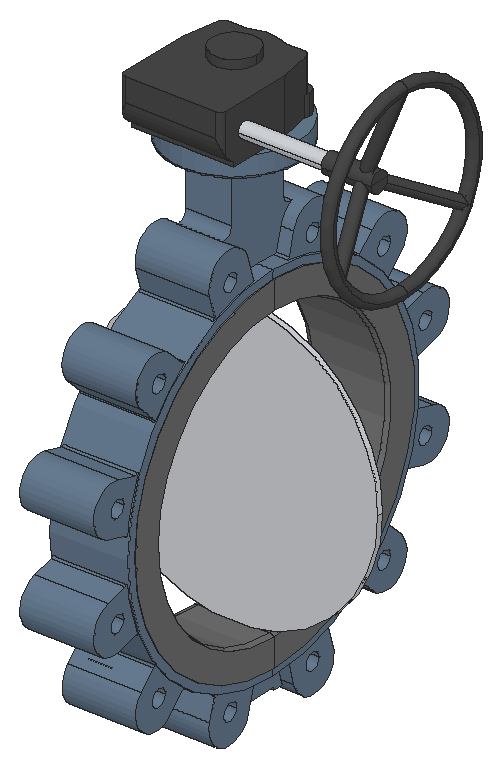
Revit family "HERZ Isolating Butterfly Valves AF-4219 with gearbox", category Rohrzubehör, Revit 2021
Family settings
  Bemaßung runder Anschluss = Durchmesser verwenden
  Teiletyp = Unterbricht
  OmniClass-Nummer = 23.65.55.14
  OmniClass-Titel = Valves for Liquid Services
  Arbeitsebenenbasiert = Nein
  Immer vertikal = Ja
  Beim Laden mit Abzugskörper schneiden = Nein
  Gemeinsam genutzt = Nein
Parameters
  Weight [instance] = size_lookup("4219_AF_G", "Gewicht", 3.8, Nennweite)  # 37.6
  Vorgabe-Ansicht = 0 mm
  URL = "www.herzvalves.com"
  Spindle = "stainless steel ASTM-A276 / Type 316"  # constant formula
  Screws [instance] = if(Nennweite = 50 mm, "4x M16x35", if(Nennweite = 65 mm, "4x M16x35", if(Nennweite = 80 mm, "8x M16x35", if(Nennweite = 100 mm, "8x M16x40", if(Nennweite = 125 mm, "8x M16x40", if(Nennweite = 150 mm, "8x M20x40", if(Nennweite = 200 mm, "12x M20x45", if(Nennweite = 250 mm, "12x M24x45", "12x M24x45"))))))))  # "12x M24x45"
  SCTWSEQ = "FW;SBT_TYP_FW=\"101\";2"
  SCTWCODE = "04;07;02"  # constant formula
  SCRNSEQ = "ARM;ARM_TYP=\"ALLF\";2"
  SCRNCODE = "05;13;02"  # constant formula
  R99 = 1.5 mm  # constant formula
  Part number [instance] = size_lookup("4219_AF_G", "Artnr", 421911, Nennweite)  # 1421979
  PN [instance] = size_lookup("4219_AF_G", "PN", 16, Nennweite)  # 10
  O-Ring = "EPDM according to ISO 1691"  # constant formula
  Min. operating temperature = "-20.00 °C with appropriate water-glycol mixture"  # constant formula
  Medium = "Heating water quality according ÖNORM H5195 or VDI-Standard 2035. The use of ethylene or propylene glycol in a\nmixing ratio 25- 50% is allowed."
  Max. operating temperature = 110 °C  # constant formula
  L04 [instance] = L01 - 3.5 mm  # 35.5 mm
  L03 [instance] = L01 + 1.5 mm  # 40.5 mm
  L02 [instance] = size_lookup("4219_AF_G", "L2", 14.5 mm, Nennweite)  # 30.5 mm
  L01 [instance] = size_lookup("4219_AF_G", "L1", 21.5 mm, Nennweite)  # 39 mm
  R01 [instance] = size_lookup("4219_AF_G", "R1", 44 mm, Nennweite)  # 65 mm
  Nennweite [instance] = 300 mm
  Hersteller = "HERZ Armaturen Ges.m.b.H."  # constant formula
  H02 [instance] = size_lookup("4219_AF_G", "H2", 13 mm, Nennweite)  # 20 mm
  H01 [instance] = size_lookup("4219_AF_G", "H1", 125 mm, Nennweite)  # 308 mm
  Flange = "according to EN1092-2"  # constant formula
  Torque in NM [instance] = size_lookup("4219_AF_G", "Nm", 20, Nennweite)  # 350
  Disc = "stainless steel 1.4408"  # constant formula
  DN80 [instance] = Nennweite = 80 mm  # no
  DN65 [instance] = Nennweite = 65 mm  # no
  DN50 [instance] = Nennweite = 50 mm  # no
  DN300 [instance] = Nennweite = 300 mm  # yes
  DN250 [instance] = Nennweite = 250 mm  # no
  DN200 [instance] = Nennweite = 200 mm  # no
  DN150 [instance] = Nennweite = 150 mm  # no
  DN125 [instance] = Nennweite = 125 mm  # no
  DN100 [instance] = Nennweite = 100 mm  # no
  D06 [instance] = size_lookup("4219_AF_G", "D6", 25.3 mm, Nennweite)  # 146.5 mm
  D05 [instance] = size_lookup("4219_AF_G", "D5", 24.5 mm, Nennweite)  # 145 mm
  D04 [instance] = D05 + 2 mm  # 147 mm
  D03 [instance] = size_lookup("4219_AF_G", "D3", 35.5 mm, Nennweite)  # 167.5 mm
  D02 [instance] = size_lookup("4219_AF_G", "D2", 41 mm, Nennweite)  # 175 mm
  D01 [instance] = size_lookup("4219_AF_G", "D1", 47 mm, Nennweite)  # 183 mm
  Body sealing = "EPDM according to ISO 1691"  # constant formula
  Body = "GGG, GJS-400-15/JS1030, according to EN1563"  # constant formula
  Application = "Suitable for fluids in building services, cold water systems, hot water saystems, etc."
Reference planes
  plane 1 "Mitte (Vorne/hinten)": y = 0
  plane 2: z = 0
  plane 3 "Mitte (Links/rechts)": x = 0
Forms (mm)
  Revolve 1, solid, material "Herz-Metall-blau", detail levels fine
    sketch origin (0, 0, 0) x (1, 0, 0) y (0, 0, 1)
      loop
        line (-30.5, 175) -> (-30.5, 167.5) -> (30.5, 167.5) -> (30.5, 175) -> (39, 175) -> (39, 183) -> (-39, 183) -> (-39, 175) -> (-30.5, 175)
      axis (-39, 0) -> (39, 0)
    angle from 0 to 360
  Revolve 2, solid, material "Herz-Metall-blau", detail levels fine
    sketch origin (0, 0, 0) x (1, 0, 0) y (0, 0, 1)
      loop
        line (-65, 308) -> (-65, 289.463)
        arc (-65, 289.463) -> (-64.673, 288.527) -> (-63.833, 288) r 1.5
        line (-63.833, 288) -> (0, 288) -> (0, 308) -> (-65, 308)
      axis (0, 308) -> (0, 288)
    angle from 0 to 360
  Extrusion 3, solid, material "Herz-Metall-blau", visible <- "DN50", detail levels fine
    sketch origin (0, 0, 0) x (0, 1, 0) y (0, 0, 1)
      loop
        line (56.215, -32.173) -> (43.95, -19.909)
        arc (43.95, -19.909) -> (43.387, -18.793) -> (43.596, -17.56) r 2
        arc (43.596, -17.56) -> (33.234, -33.234) -> (17.56, -43.596) r 47
        arc (17.56, -43.596) -> (18.793, -43.387) -> (19.909, -43.95) r 2
        line (19.909, -43.95) -> (32.173, -56.215)
        arc (32.173, -56.215) -> (56.215, -56.215) -> (56.215, -32.173) r 17
      loop
        arc (-56.215, -32.173) -> (-56.215, -56.215) -> (-32.173, -56.215) r 17
        line (-32.173, -56.215) -> (-19.909, -43.95)
        arc (-19.909, -43.95) -> (-18.793, -43.387) -> (-17.56, -43.596) r 2
        arc (-17.56, -43.596) -> (-33.234, -33.234) -> (-43.596, -17.56) r 47
        arc (-43.596, -17.56) -> (-43.387, -18.793) -> (-43.95, -19.909) r 2
        line (-43.95, -19.909) -> (-56.215, -32.173)
      loop
        arc (56.215, 32.173) -> (56.215, 56.215) -> (32.173, 56.215) r 17
        line (32.173, 56.215) -> (19.909, 43.95)
        arc (19.909, 43.95) -> (18.793, 43.387) -> (17.56, 43.596) r 2
        arc (17.56, 43.596) -> (33.234, 33.234) -> (43.596, 17.56) r 47
        arc (43.596, 17.56) -> (43.387, 18.793) -> (43.95, 19.909) r 2
        line (43.95, 19.909) -> (56.215, 32.173)
      loop
        line (-56.215, 32.173) -> (-43.95, 19.909)
        arc (-43.95, 19.909) -> (-43.387, 18.793) -> (-43.596, 17.56) r 2
        arc (-43.596, 17.56) -> (-33.234, 33.234) -> (-17.56, 43.596) r 47
        arc (-17.56, 43.596) -> (-18.793, 43.387) -> (-19.909, 43.95) r 2
        line (-19.909, 43.95) -> (-32.173, 56.215)
        arc (-32.173, 56.215) -> (-56.215, 56.215) -> (-56.215, 32.173) r 17
      loop
        circle (-44.194, 44.194) r 6.92
      loop
        circle (44.194, 44.194) r 6.92
      loop
        circle (44.194, -44.194) r 6.92
      loop
        circle (-44.194, -44.194) r 6.92
    from -19.5 to 19.5
  Extrusion 4, solid, material "Herz-Metall-blau", visible <- "DN50", detail levels fine
    sketch origin (0, 0, 0) x (0, 1, 0) y (0, 0, 1)
      loop
        line (20, 74.845) -> (20, 112) -> (-20, 112) -> (-20, 74.845)
        arc (-20, 74.845) -> (-26.046, 62.811) -> (-39.31, 60.477) r 15
        arc (-39.31, 60.477) -> (-35.477, 58.789) -> (-32.173, 56.215) r 17
        line (-32.173, 56.215) -> (-19.909, 43.95)
        arc (-19.909, 43.95) -> (-18.793, 43.387) -> (-17.56, 43.596) r 2
        arc (-17.56, 43.596) -> (0, 47) -> (17.56, 43.596) r 47
        arc (17.56, 43.596) -> (18.793, 43.387) -> (19.909, 43.95) r 2
        line (19.909, 43.95) -> (32.173, 56.215)
        arc (32.173, 56.215) -> (35.477, 58.789) -> (39.31, 60.477) r 17
        arc (39.31, 60.477) -> (26.046, 62.811) -> (20, 74.845) r 15
    from -15 to 15
  Extrusion 5, solid, material "Herz-Metall-blau", visible <- "DN50"
    sketch origin (0, 0, 0) x (0, 1, 0) y (0, 0, 1)
      loop
        arc (33.834, -58) -> (34.246, -58.062) -> (34.622, -58.243) r 1.4
        arc (34.622, -58.243) -> (33.35, -57.286) -> (32.173, -56.215) r 17
        line (32.173, -56.215) -> (19.909, -43.95)
        arc (19.909, -43.95) -> (18.793, -43.387) -> (17.56, -43.596) r 2
        arc (17.56, -43.596) -> (0, -47) -> (-17.56, -43.596) r 47
        arc (-17.56, -43.596) -> (-18.793, -43.387) -> (-19.909, -43.95) r 2
        line (-19.909, -43.95) -> (-32.173, -56.215)
        arc (-32.173, -56.215) -> (-33.35, -57.286) -> (-34.622, -58.243) r 17
        arc (-34.622, -58.243) -> (-34.246, -58.062) -> (-33.834, -58) r 1.4
        line (-33.834, -58) -> (-16.963, -58)
        arc (-16.963, -58) -> (-15.575, -58.575) -> (-15, -59.963) r 1.963
        line (-15, -59.963) -> (-15, -61) -> (15, -61) -> (15, -59.963)
        arc (15, -59.963) -> (15.575, -58.575) -> (16.963, -58) r 1.963
        line (16.963, -58) -> (33.834, -58)
    from -15 to 15
  Revolve 6, solid, material "Gummi", detail levels fine
    sketch origin (-134.5, 0, 0) x (1, 0, 0) y (0, 0, 1)
      loop
        line (94, 175) -> (94, 147) -> (99, 145) -> (170, 145) -> (175, 147) -> (175, 175) -> (165, 175) -> (165, 167.5) -> (104, 167.5) -> (104, 175) -> (94, 175)
      axis (94, 0) -> (175, 0)
    angle from 0 to 360
  Extrusion 7, solid, detail levels fine
    sketch origin (0, 0, 0) x (1, 0, 0) y (0, 0, 1)
      loop
        circle (0, 0) r 146.5
    from -2.5 to 2.5
  Extrusion 8, solid, material "Herz-Metall-blau", visible <- "DN65", detail levels fine
    sketch origin (0, -300, 0) x (0, 1, 0) y (0, 0, 1)
      loop
        circle (351.265, 51.265) r 6.92
      loop
        arc (363.286, 39.244) -> (363.286, 63.286) -> (339.244, 63.286) r 17
        line (339.244, 63.286) -> (328.595, 52.636)
        arc (328.595, 52.636) -> (327.499, 52.076) -> (326.282, 52.264) r 2
        arc (326.282, 52.264) -> (341.366, 41.366) -> (352.264, 26.282) r 58.501
        arc (352.264, 26.282) -> (352.087, 27.51) -> (352.656, 28.614) r 2.038
        line (352.656, 28.614) -> (363.286, 39.244)
      loop
        circle (351.265, -51.265) r 6.92
      loop
        line (363.286, -39.244) -> (352.656, -28.614)
        arc (352.656, -28.614) -> (352.087, -27.51) -> (352.264, -26.282) r 2.038
        arc (352.264, -26.282) -> (341.366, -41.366) -> (326.282, -52.264) r 58.501
        arc (326.282, -52.264) -> (327.499, -52.076) -> (328.595, -52.636) r 2
        line (328.595, -52.636) -> (339.244, -63.286)
        arc (339.244, -63.286) -> (363.286, -63.286) -> (363.286, -39.244) r 17
      loop
        circle (248.735, 51.265) r 6.92
      loop
        line (236.714, 39.244) -> (247.344, 28.614)
        arc (247.344, 28.614) -> (247.913, 27.51) -> (247.736, 26.282) r 2.038
        arc (247.736, 26.282) -> (258.634, 41.366) -> (273.718, 52.264) r 58.501
        arc (273.718, 52.264) -> (272.501, 52.076) -> (271.405, 52.636) r 2
        line (271.405, 52.636) -> (260.756, 63.286)
        arc (260.756, 63.286) -> (236.714, 63.286) -> (236.714, 39.244) r 17
      loop
        circle (248.735, -51.265) r 6.92
      loop
        arc (236.714, -39.244) -> (236.714, -63.286) -> (260.756, -63.286) r 17
        line (260.756, -63.286) -> (271.405, -52.636)
        arc (271.405, -52.636) -> (272.501, -52.076) -> (273.718, -52.264) r 2
        arc (273.718, -52.264) -> (258.634, -41.366) -> (247.736, -26.282) r 58.501
        arc (247.736, -26.282) -> (247.913, -27.51) -> (247.344, -28.614) r 2.038
        line (247.344, -28.614) -> (236.714, -39.244)
    from -21 to 21
  Extrusion 9, solid, material "Herz-Metall-blau", visible <- "DN65", detail levels fine
    sketch origin (0, -300, 0) x (0, 1, 0) y (0, 0, 1)
      loop
        line (278, 136.5) -> (278, 78.286)
        arc (278, 78.286) -> (272.889, 69.099) -> (263, 65.53) r 14.984
        line (263, 65.53) -> (257.982, 65.53)
        arc (257.982, 65.53) -> (259.428, 64.481) -> (260.756, 63.286) r 17
        line (260.756, 63.286) -> (271.405, 52.636)
        arc (271.405, 52.636) -> (272.501, 52.076) -> (273.718, 52.264) r 2
        arc (273.718, 52.264) -> (300, 58.5) -> (326.282, 52.264) r 58.5
        arc (326.282, 52.264) -> (327.499, 52.076) -> (328.595, 52.636) r 2
        line (328.595, 52.636) -> (339.244, 63.286)
        arc (339.244, 63.286) -> (340.572, 64.481) -> (342.018, 65.53) r 17
        line (342.018, 65.53) -> (337, 65.53)
        arc (337, 65.53) -> (327.111, 69.099) -> (322, 78.286) r 14.984
        line (322, 78.286) -> (322, 136.5) -> (278, 136.5)
      loop
        arc (260.756, -63.286) -> (259.428, -64.481) -> (257.982, -65.53) r 17
        line (257.982, -65.53) -> (280.029, -65.53)
        arc (280.029, -65.53) -> (281.423, -66.108) -> (282, -67.501) r 1.971
        line (282, -67.501) -> (282, -74) -> (318, -74) -> (318, -67.527)
        arc (318, -67.527) -> (318.585, -66.115) -> (319.997, -65.53) r 1.997
        line (319.997, -65.53) -> (342.018, -65.53)
        arc (342.018, -65.53) -> (340.572, -64.481) -> (339.244, -63.286) r 17
        line (339.244, -63.286) -> (328.595, -52.636)
        arc (328.595, -52.636) -> (327.499, -52.076) -> (326.282, -52.264) r 2
        arc (326.282, -52.264) -> (300, -58.5) -> (273.718, -52.264) r 58.5
        arc (273.718, -52.264) -> (272.501, -52.076) -> (271.405, -52.636) r 2
        line (271.405, -52.636) -> (260.756, -63.286)
    from -18 to 18
  Extrusion 10, solid, material "Herz-Metall-blau", visible <- "DN80", detail levels fine
    sketch origin (0, -300, 0) x (0, 1, 0) y (0, 0, 1)
      loop
        circle (269.385, 73.91) r 6.92
      loop
        arc (285.091, 80.416) -> (262.88, 89.616) -> (253.679, 67.405) r 17
        line (253.679, 67.405) -> (259.513, 53.322)
        arc (259.513, 53.322) -> (259.602, 52.073) -> (258.924, 51.02) r 1.982
        arc (258.924, 51.02) -> (274.934, 60.514) -> (292.968, 65.121) r 65.5
        arc (292.968, 65.121) -> (291.745, 65.388) -> (290.924, 66.335) r 1.984
        line (290.924, 66.335) -> (285.091, 80.416)
      loop
        circle (226.09, 30.615) r 6.92
      loop
        line (219.584, 14.909) -> (233.665, 9.076)
        arc (233.665, 9.076) -> (234.612, 8.255) -> (234.879, 7.032) r 1.984
        arc (234.879, 7.032) -> (239.486, 25.066) -> (248.98, 41.076) r 65.5
        arc (248.98, 41.076) -> (247.927, 40.398) -> (246.678, 40.487) r 1.982
        line (246.678, 40.487) -> (232.595, 46.321)
        arc (232.595, 46.321) -> (210.384, 37.12) -> (219.584, 14.909) r 17
      loop
        circle (269.385, -73.91) r 6.92
      loop
        line (285.091, -80.416) -> (290.924, -66.335)
        arc (290.924, -66.335) -> (291.745, -65.388) -> (292.968, -65.121) r 1.984
        arc (292.968, -65.121) -> (274.934, -60.514) -> (258.924, -51.02) r 65.5
        arc (258.924, -51.02) -> (259.602, -52.073) -> (259.513, -53.322) r 1.982
        line (259.513, -53.322) -> (253.679, -67.405)
        arc (253.679, -67.405) -> (262.88, -89.616) -> (285.091, -80.416) r 17
      loop
        circle (226.09, -30.615) r 6.92
      loop
        arc (219.584, -14.909) -> (210.384, -37.12) -> (232.595, -46.321) r 17
        line (232.595, -46.321) -> (246.678, -40.487)
        arc (246.678, -40.487) -> (247.927, -40.398) -> (248.98, -41.076) r 1.982
        arc (248.98, -41.076) -> (239.486, -25.066) -> (234.879, -7.032) r 65.5
        arc (234.879, -7.032) -> (234.612, -8.255) -> (233.665, -9.076) r 1.984
        line (233.665, -9.076) -> (219.584, -14.909)
      loop
        circle (330.615, 73.91) r 6.92
      loop
        line (314.909, 80.416) -> (309.076, 66.335)
        arc (309.076, 66.335) -> (308.255, 65.388) -> (307.032, 65.121) r 1.984
        arc (307.032, 65.121) -> (325.066, 60.514) -> (341.076, 51.02) r 65.5
        arc (341.076, 51.02) -> (340.398, 52.073) -> (340.487, 53.322) r 1.982
        line (340.487, 53.322) -> (346.321, 67.405)
        arc (346.321, 67.405) -> (337.12, 89.616) -> (314.909, 80.416) r 17
      loop
        circle (373.91, 30.615) r 6.92
      loop
        arc (380.416, 14.909) -> (389.616, 37.12) -> (367.405, 46.321) r 17
        line (367.405, 46.321) -> (353.322, 40.487)
        arc (353.322, 40.487) -> (352.073, 40.398) -> (351.02, 41.076) r 1.982
        arc (351.02, 41.076) -> (360.514, 25.066) -> (365.121, 7.032) r 65.5
        arc (365.121, 7.032) -> (365.388, 8.255) -> (366.335, 9.076) r 1.984
        line (366.335, 9.076) -> (380.416, 14.909)
      loop
        circle (330.615, -73.91) r 6.92
      loop
        arc (314.909, -80.416) -> (337.12, -89.616) -> (346.321, -67.405) r 17
        line (346.321, -67.405) -> (340.487, -53.322)
        arc (340.487, -53.322) -> (340.398, -52.073) -> (341.076, -51.02) r 1.982
        arc (341.076, -51.02) -> (325.066, -60.514) -> (307.032, -65.121) r 65.5
        arc (307.032, -65.121) -> (308.255, -65.388) -> (309.076, -66.335) r 1.984
        line (309.076, -66.335) -> (314.909, -80.416)
      loop
        circle (373.91, -30.615) r 6.92
      loop
        line (380.416, -14.909) -> (366.335, -9.076)
        arc (366.335, -9.076) -> (365.388, -8.255) -> (365.121, -7.032) r 1.984
        arc (365.121, -7.032) -> (360.514, -25.066) -> (351.02, -41.076) r 65.5
        arc (351.02, -41.076) -> (352.073, -40.398) -> (353.322, -40.487) r 1.982
        line (353.322, -40.487) -> (367.405, -46.321)
        arc (367.405, -46.321) -> (389.616, -37.12) -> (380.416, -14.909) r 17
    from -21 to 21
  Extrusion 11, solid, material "Herz-Metall-blau", visible <- "DN80", detail levels fine
    sketch origin (0, -300, 0) x (0, 1, 0) y (0, 0, 1)
      loop
        line (278, 143.5) -> (278, 100.814)
        arc (278, 100.814) -> (275.545, 94.251) -> (269.385, 90.91) r 10
        arc (269.385, 90.91) -> (278.83, 88.045) -> (285.091, 80.416) r 17
        line (285.091, 80.416) -> (290.924, 66.335)
        arc (290.924, 66.335) -> (291.744, 65.388) -> (292.968, 65.121) r 1.984
        arc (292.968, 65.121) -> (300, 65.497) -> (307.032, 65.121) r 66.05
        arc (307.032, 65.121) -> (308.256, 65.388) -> (309.076, 66.335) r 1.984
        line (309.076, 66.335) -> (314.909, 80.416)
        arc (314.909, 80.416) -> (321.17, 88.045) -> (330.615, 90.91) r 17
        arc (330.615, 90.91) -> (324.455, 94.251) -> (322, 100.814) r 10
        line (322, 100.814) -> (322, 143.5) -> (278, 143.5)
      loop
        line (285.091, -80.416) -> (286.5, -80.946) -> (313.5, -80.946) -> (314.89, -80.371) -> (309.076, -66.335)
        arc (309.076, -66.335) -> (308.256, -65.388) -> (307.032, -65.121) r 1.984
        arc (307.032, -65.121) -> (300, -65.497) -> (292.968, -65.121) r 66.05
        arc (292.968, -65.121) -> (291.744, -65.388) -> (290.924, -66.335) r 1.984
        line (290.924, -66.335) -> (285.091, -80.416)
    from -18.5 to 18.5
  Extrusion 12, solid, material "Herz-Metall-blau", visible <- "DN100", detail levels fine
    sketch origin (0, -300, 0) x (0, 1, 0) y (0, 0, 1)
      loop
        circle (265.558, 83.149) r 6.92
      loop
        arc (281.264, 89.655) -> (259.053, 98.855) -> (249.853, 76.644) r 17
        line (249.853, 76.644) -> (255.731, 62.451)
        arc (255.731, 62.451) -> (255.813, 61.14) -> (255.074, 60.055) r 2.025
        arc (255.074, 60.055) -> (271.3, 69.291) -> (289.305, 74.233) r 75
        arc (289.305, 74.233) -> (288.012, 74.478) -> (287.142, 75.464) r 2.027
        line (287.142, 75.464) -> (281.264, 89.655)
      loop
        circle (216.851, 34.442) r 6.92
      loop
        line (210.345, 18.736) -> (224.536, 12.858)
        arc (224.536, 12.858) -> (225.522, 11.988) -> (225.767, 10.695) r 2.027
        arc (225.767, 10.695) -> (230.709, 28.7) -> (239.945, 44.926) r 75
        arc (239.945, 44.926) -> (238.86, 44.187) -> (237.549, 44.269) r 2.025
        line (237.549, 44.269) -> (223.356, 50.147)
        arc (223.356, 50.147) -> (201.145, 40.947) -> (210.345, 18.736) r 17
      loop
        circle (265.558, -83.149) r 6.92
      loop
        line (281.264, -89.655) -> (287.142, -75.464)
        arc (287.142, -75.464) -> (288.012, -74.478) -> (289.305, -74.233) r 2.027
        arc (289.305, -74.233) -> (271.3, -69.291) -> (255.074, -60.055) r 75
        arc (255.074, -60.055) -> (255.813, -61.14) -> (255.731, -62.451) r 2.025
        line (255.731, -62.451) -> (249.853, -76.644)
        arc (249.853, -76.644) -> (259.053, -98.855) -> (281.264, -89.655) r 17
      loop
        circle (216.851, -34.442) r 6.92
      loop
        arc (210.345, -18.736) -> (201.145, -40.947) -> (223.356, -50.147) r 17
        line (223.356, -50.147) -> (237.549, -44.269)
        arc (237.549, -44.269) -> (238.86, -44.187) -> (239.945, -44.926) r 2.025
        arc (239.945, -44.926) -> (230.709, -28.7) -> (225.767, -10.695) r 75
        arc (225.767, -10.695) -> (225.522, -11.988) -> (224.536, -12.858) r 2.027
        line (224.536, -12.858) -> (210.345, -18.736)
      loop
        circle (334.442, 83.149) r 6.92
      loop
        line (318.736, 89.655) -> (312.858, 75.464)
        arc (312.858, 75.464) -> (311.988, 74.478) -> (310.695, 74.233) r 2.027
        arc (310.695, 74.233) -> (328.7, 69.291) -> (344.926, 60.055) r 75
        arc (344.926, 60.055) -> (344.187, 61.14) -> (344.269, 62.451) r 2.025
        line (344.269, 62.451) -> (350.147, 76.644)
        arc (350.147, 76.644) -> (340.947, 98.855) -> (318.736, 89.655) r 17
      loop
        circle (383.149, 34.442) r 6.92
      loop
        arc (389.655, 18.736) -> (398.855, 40.947) -> (376.644, 50.147) r 17
        line (376.644, 50.147) -> (362.451, 44.269)
        arc (362.451, 44.269) -> (361.14, 44.187) -> (360.055, 44.926) r 2.025
        arc (360.055, 44.926) -> (369.291, 28.7) -> (374.233, 10.695) r 75
        arc (374.233, 10.695) -> (374.478, 11.988) -> (375.464, 12.858) r 2.027
        line (375.464, 12.858) -> (389.655, 18.736)
      loop
        circle (334.442, -83.149) r 6.92
      loop
        arc (318.736, -89.655) -> (340.947, -98.855) -> (350.147, -76.644) r 17
        line (350.147, -76.644) -> (344.269, -62.451)
        arc (344.269, -62.451) -> (344.187, -61.14) -> (344.926, -60.055) r 2.025
        arc (344.926, -60.055) -> (328.7, -69.291) -> (310.695, -74.233) r 75
        arc (310.695, -74.233) -> (311.988, -74.478) -> (312.858, -75.464) r 2.027
        line (312.858, -75.464) -> (318.736, -89.655)
      loop
        circle (383.149, -34.442) r 6.92
      loop
        line (389.655, -18.736) -> (375.464, -12.858)
        arc (375.464, -12.858) -> (374.478, -11.988) -> (374.233, -10.695) r 2.027
        arc (374.233, -10.695) -> (369.291, -28.7) -> (360.055, -44.926) r 75
        arc (360.055, -44.926) -> (361.14, -44.187) -> (362.451, -44.269) r 2.025
        line (362.451, -44.269) -> (376.644, -50.147)
        arc (376.644, -50.147) -> (398.855, -40.947) -> (389.655, -18.736) r 17
    from -24 to 24
  Extrusion 13, solid, material "Herz-Metall-blau", visible <- "DN100", detail levels fine
    sketch origin (0, -300, 0) x (0, 1, 0) y (0, 0, 1)
      loop
        line (274, 167) -> (274, 114.47)
        arc (274, 114.47) -> (270.644, 105.014) -> (262.078, 99.789) r 15
        arc (262.078, 99.789) -> (273.498, 98.181) -> (281.264, 89.655) r 17
        line (281.264, 89.655) -> (287.142, 75.464)
        arc (287.142, 75.464) -> (288.012, 74.478) -> (289.305, 74.233) r 2.027
        arc (289.305, 74.233) -> (300, 75) -> (310.695, 74.233) r 75
        arc (310.695, 74.233) -> (311.988, 74.478) -> (312.858, 75.464) r 2.027
        line (312.858, 75.464) -> (318.736, 89.655)
        arc (318.736, 89.655) -> (326.502, 98.181) -> (337.922, 99.789) r 17
        arc (337.922, 99.789) -> (329.356, 105.014) -> (326, 114.47) r 15
        line (326, 114.47) -> (326, 167) -> (274, 167)
      loop
        line (286.5, -93) -> (313.5, -93) -> (313.5, -96) -> (323.312, -96)
        arc (323.312, -96) -> (320.654, -93.094) -> (318.736, -89.655) r 17
        line (318.736, -89.655) -> (312.858, -75.464)
        arc (312.858, -75.464) -> (311.988, -74.478) -> (310.695, -74.233) r 2.027
        arc (310.695, -74.233) -> (300, -75) -> (289.305, -74.233) r 75
        arc (289.305, -74.233) -> (288.012, -74.478) -> (287.142, -75.464) r 2.027
        line (287.142, -75.464) -> (281.264, -89.655)
        arc (281.264, -89.655) -> (279.346, -93.094) -> (276.688, -96) r 17
        line (276.688, -96) -> (286.5, -96) -> (286.5, -93)
    from -18 to 18
  Extrusion 14, solid, material "Herz-Metall-blau", visible <- "DN125", detail levels fine
    sketch origin (0, -300, 0) x (0, 1, 0) y (0, 0, 1)
      loop
        circle (259.818, 97.007) r 6.92
      loop
        arc (275.524, 103.513) -> (253.313, 112.713) -> (244.112, 90.502) r 17
        line (244.112, 90.502) -> (249.217, 78.179)
        arc (249.217, 78.179) -> (249.286, 76.825) -> (248.485, 75.731) r 2.023
        arc (248.485, 75.731) -> (264.902, 84.594) -> (282.772, 89.957) r 91.852
        arc (282.772, 89.957) -> (281.505, 90.18) -> (280.649, 91.141) r 1.958
        line (280.649, 91.141) -> (275.524, 103.513)
      loop
        circle (202.993, 40.182) r 6.92
      loop
        line (196.487, 24.476) -> (208.859, 19.351)
        arc (208.859, 19.351) -> (209.82, 18.495) -> (210.043, 17.228) r 1.958
        arc (210.043, 17.228) -> (215.406, 35.098) -> (224.269, 51.515) r 91.852
        arc (224.269, 51.515) -> (223.175, 50.714) -> (221.821, 50.783) r 2.023
        line (221.821, 50.783) -> (209.498, 55.888)
        arc (209.498, 55.888) -> (187.287, 46.687) -> (196.487, 24.476) r 17
      loop
        circle (259.818, -97.007) r 6.92
      loop
        line (275.524, -103.513) -> (280.649, -91.141)
        arc (280.649, -91.141) -> (281.505, -90.18) -> (282.772, -89.957) r 1.958
        arc (282.772, -89.957) -> (264.902, -84.594) -> (248.485, -75.731) r 91.852
        arc (248.485, -75.731) -> (249.286, -76.825) -> (249.217, -78.179) r 2.023
        line (249.217, -78.179) -> (244.112, -90.502)
        arc (244.112, -90.502) -> (253.313, -112.713) -> (275.524, -103.513) r 17
      loop
        circle (202.993, -40.182) r 6.92
      loop
        arc (196.487, -24.476) -> (187.287, -46.687) -> (209.498, -55.888) r 17
        line (209.498, -55.888) -> (221.821, -50.783)
        arc (221.821, -50.783) -> (223.175, -50.714) -> (224.269, -51.515) r 2.023
        arc (224.269, -51.515) -> (215.406, -35.098) -> (210.043, -17.228) r 91.852
        arc (210.043, -17.228) -> (209.82, -18.495) -> (208.859, -19.351) r 1.958
        line (208.859, -19.351) -> (196.487, -24.476)
      loop
        circle (340.182, 97.007) r 6.92
      loop
        line (324.476, 103.513) -> (319.351, 91.141)
        arc (319.351, 91.141) -> (318.495, 90.18) -> (317.228, 89.957) r 1.958
        arc (317.228, 89.957) -> (335.098, 84.594) -> (351.515, 75.731) r 91.852
        arc (351.515, 75.731) -> (350.714, 76.825) -> (350.783, 78.179) r 2.023
        line (350.783, 78.179) -> (355.888, 90.502)
        arc (355.888, 90.502) -> (346.687, 112.713) -> (324.476, 103.513) r 17
      loop
        circle (397.007, 40.182) r 6.92
      loop
        arc (403.513, 24.476) -> (412.713, 46.687) -> (390.502, 55.888) r 17
        line (390.502, 55.888) -> (378.179, 50.783)
        arc (378.179, 50.783) -> (376.825, 50.714) -> (375.731, 51.515) r 2.023
        arc (375.731, 51.515) -> (384.594, 35.098) -> (389.957, 17.228) r 91.852
        arc (389.957, 17.228) -> (390.18, 18.495) -> (391.141, 19.351) r 1.958
        line (391.141, 19.351) -> (403.513, 24.476)
      loop
        circle (340.182, -97.007) r 6.92
      loop
        arc (324.476, -103.513) -> (346.687, -112.713) -> (355.888, -90.502) r 17
        line (355.888, -90.502) -> (350.783, -78.179)
        arc (350.783, -78.179) -> (350.714, -76.825) -> (351.515, -75.731) r 2.023
        arc (351.515, -75.731) -> (335.098, -84.594) -> (317.228, -89.957) r 91.852
        arc (317.228, -89.957) -> (318.495, -90.18) -> (319.351, -91.141) r 1.958
        line (319.351, -91.141) -> (324.476, -103.513)
      loop
        circle (397.007, -40.182) r 6.92
      loop
        line (403.513, -24.476) -> (391.141, -19.351)
        arc (391.141, -19.351) -> (390.18, -18.495) -> (389.957, -17.228) r 1.958
        arc (389.957, -17.228) -> (384.594, -35.098) -> (375.731, -51.515) r 91.852
        arc (375.731, -51.515) -> (376.825, -50.714) -> (378.179, -50.783) r 2.023
        line (378.179, -50.783) -> (390.502, -55.888)
        arc (390.502, -55.888) -> (412.713, -46.687) -> (403.513, -24.476) r 17
    from -26 to 26
  Extrusion 15, solid, material "Herz-Metall-blau", visible <- "DN125", detail levels fine
    sketch origin (0, -300, 0) x (0, 1, 0) y (0, 0, 1)
      loop
        line (273.999, 186) -> (273.95, 123.689)
        arc (273.95, 123.689) -> (270.458, 116.096) -> (262.42, 113.807) r 10
        arc (262.42, 113.807) -> (270.32, 110.376) -> (275.524, 103.513) r 17
        line (275.524, 103.513) -> (280.649, 91.141)
        arc (280.649, 91.141) -> (281.528, 90.167) -> (282.825, 89.967) r 1.958
        arc (282.825, 89.967) -> (299.999, 91.589) -> (317.173, 89.967) r 91.7
        arc (317.173, 89.967) -> (318.469, 90.167) -> (319.348, 91.141) r 1.958
        line (319.348, 91.141) -> (324.473, 103.513)
        arc (324.473, 103.513) -> (329.677, 110.376) -> (337.577, 113.807) r 17
        arc (337.577, 113.807) -> (329.539, 116.096) -> (325.999, 123.689) r 10
        line (325.999, 123.689) -> (325.999, 186) -> (273.999, 186)
      loop
        line (286.499, -110.51) -> (313.499, -110.51) -> (313.499, -113.51) -> (336.099, -113.51)
        arc (336.099, -113.51) -> (329.095, -109.897) -> (324.473, -103.513) r 17
        line (324.473, -103.513) -> (319.348, -91.141)
        arc (319.348, -91.141) -> (318.469, -90.167) -> (317.173, -89.967) r 1.958
        arc (317.173, -89.967) -> (299.999, -91.589) -> (282.825, -89.967) r 91.7
        arc (282.825, -89.967) -> (281.528, -90.167) -> (280.649, -91.141) r 1.958
        line (280.649, -91.141) -> (275.524, -103.513)
        arc (275.524, -103.513) -> (270.902, -109.897) -> (263.898, -113.51) r 17
        line (263.898, -113.51) -> (286.499, -113.51) -> (286.499, -110.51)
    from -18 to 18
  Extrusion 16, solid, material "Herz-Metall-blau", visible <- "DN150", detail levels fine
    sketch origin (0, -300, 0) x (0, 1, 0) y (0, 0, 1)
      loop
        circle (254.078, 110.866) r 8.645
      loop
        arc (273.479, 118.902) -> (246.042, 130.267) -> (234.677, 102.829) r 21
        line (234.677, 102.829) -> (241.591, 86.136)
        arc (241.591, 86.136) -> (241.664, 84.82) -> (240.899, 83.746) r 1.993
        arc (240.899, 83.746) -> (260.776, 94.698) -> (282.575, 101.008) r 102.504
        arc (282.575, 101.008) -> (281.263, 101.248) -> (280.379, 102.246) r 2.042
        line (280.379, 102.246) -> (273.479, 118.902)
      loop
        circle (189.134, 45.922) r 8.645
      loop
        line (181.098, 26.521) -> (197.754, 19.621)
        arc (197.754, 19.621) -> (198.752, 18.737) -> (198.992, 17.425) r 2.042
        arc (198.992, 17.425) -> (205.302, 39.224) -> (216.254, 59.101) r 102.504
        arc (216.254, 59.101) -> (215.18, 58.336) -> (213.864, 58.409) r 1.993
        line (213.864, 58.409) -> (197.171, 65.323)
        arc (197.171, 65.323) -> (169.733, 53.958) -> (181.098, 26.521) r 21
      loop
        circle (254.078, -110.866) r 8.645
      loop
        line (273.479, -118.902) -> (280.379, -102.246)
        arc (280.379, -102.246) -> (281.263, -101.248) -> (282.575, -101.008) r 2.042
        arc (282.575, -101.008) -> (260.776, -94.698) -> (240.899, -83.746) r 102.504
        arc (240.899, -83.746) -> (241.664, -84.82) -> (241.591, -86.136) r 1.993
        line (241.591, -86.136) -> (234.677, -102.829)
        arc (234.677, -102.829) -> (246.042, -130.267) -> (273.479, -118.902) r 21
      loop
        circle (189.134, -45.922) r 8.645
      loop
        arc (181.098, -26.521) -> (169.733, -53.958) -> (197.171, -65.323) r 21
        line (197.171, -65.323) -> (213.864, -58.409)
        arc (213.864, -58.409) -> (215.18, -58.336) -> (216.254, -59.101) r 1.993
        arc (216.254, -59.101) -> (205.302, -39.224) -> (198.992, -17.425) r 102.504
        arc (198.992, -17.425) -> (198.752, -18.737) -> (197.754, -19.621) r 2.042
        line (197.754, -19.621) -> (181.098, -26.521)
      loop
        circle (345.922, 110.866) r 8.645
      loop
        line (326.521, 118.902) -> (319.621, 102.246)
        arc (319.621, 102.246) -> (318.737, 101.248) -> (317.425, 101.008) r 2.042
        arc (317.425, 101.008) -> (339.224, 94.698) -> (359.101, 83.746) r 102.504
        arc (359.101, 83.746) -> (358.336, 84.82) -> (358.409, 86.136) r 1.993
        line (358.409, 86.136) -> (365.323, 102.829)
        arc (365.323, 102.829) -> (353.958, 130.267) -> (326.521, 118.902) r 21
      loop
        circle (410.866, 45.922) r 8.645
      loop
        arc (418.902, 26.521) -> (430.267, 53.958) -> (402.829, 65.323) r 21
        line (402.829, 65.323) -> (386.136, 58.409)
        arc (386.136, 58.409) -> (384.82, 58.336) -> (383.746, 59.101) r 1.993
        arc (383.746, 59.101) -> (394.698, 39.224) -> (401.008, 17.425) r 102.504
        arc (401.008, 17.425) -> (401.248, 18.737) -> (402.246, 19.621) r 2.042
        line (402.246, 19.621) -> (418.902, 26.521)
      loop
        circle (345.922, -110.866) r 8.645
      loop
        arc (326.521, -118.902) -> (353.958, -130.267) -> (365.323, -102.829) r 21
        line (365.323, -102.829) -> (358.409, -86.136)
        arc (358.409, -86.136) -> (358.336, -84.82) -> (359.101, -83.746) r 1.993
        arc (359.101, -83.746) -> (339.224, -94.698) -> (317.425, -101.008) r 102.504
        arc (317.425, -101.008) -> (318.737, -101.248) -> (319.621, -102.246) r 2.042
        line (319.621, -102.246) -> (326.521, -118.902)
      loop
        circle (410.866, -45.922) r 8.645
      loop
        line (418.902, -26.521) -> (402.246, -19.621)
        arc (402.246, -19.621) -> (401.248, -18.737) -> (401.008, -17.425) r 2.042
        arc (401.008, -17.425) -> (394.698, -39.224) -> (383.746, -59.101) r 102.504
        arc (383.746, -59.101) -> (384.82, -58.336) -> (386.136, -58.409) r 1.993
        line (386.136, -58.409) -> (402.829, -65.323)
        arc (402.829, -65.323) -> (430.267, -53.958) -> (418.902, -26.521) r 21
    from -26 to 26
  Extrusion 17, solid, material "Herz-Metall-blau", visible <- "DN150", detail levels fine
    sketch origin (0, -300, 0) x (0, 1, 0) y (0, 0, 1)
      loop
        line (274, 199) -> (274, 135)
        arc (274, 135) -> (272.527, 129.776) -> (268.541, 126.091) r 10
        arc (268.541, 126.091) -> (271.388, 122.755) -> (273.479, 118.902) r 21
        line (273.479, 118.902) -> (280.379, 102.246)
        arc (280.379, 102.246) -> (281.28, 101.239) -> (282.612, 101.014) r 2.042
        arc (282.612, 101.014) -> (300, 102.5) -> (317.388, 101.014) r 102.5
        arc (317.388, 101.014) -> (318.72, 101.239) -> (319.621, 102.246) r 2.042
        line (319.621, 102.246) -> (326.521, 118.902)
        arc (326.521, 118.902) -> (328.612, 122.755) -> (331.459, 126.091) r 21
        arc (331.459, 126.091) -> (327.473, 129.776) -> (326, 135) r 10
        line (326, 135) -> (326, 199) -> (274, 199)
      loop
        line (286.5, -122.5) -> (313.5, -122.5) -> (313.5, -125.5) -> (330.861, -125.5)
        arc (330.861, -125.5) -> (328.378, -122.407) -> (326.521, -118.902) r 21
        line (326.521, -118.902) -> (319.621, -102.246)
        arc (319.621, -102.246) -> (318.72, -101.239) -> (317.388, -101.014) r 2.042
        arc (317.388, -101.014) -> (300, -102.5) -> (282.612, -101.014) r 102.5
        arc (282.612, -101.014) -> (281.28, -101.239) -> (280.379, -102.246) r 2.042
        line (280.379, -102.246) -> (273.479, -118.902)
        arc (273.479, -118.902) -> (271.622, -122.407) -> (269.139, -125.5) r 21
        line (269.139, -125.5) -> (286.5, -125.5) -> (286.5, -122.5)
    from -18 to 18
  Extrusion 18, solid, material "Herz-Metall-blau", visible <- "DN200", detail levels fine
    sketch origin (0, -400, 0) x (0, 1, 0) y (0, 0, 1)
      loop
        circle (361.824, 142.474) r 8.645
      loop
        arc (382.109, 147.909) -> (356.389, 162.759) -> (341.54, 137.039) r 21
        line (341.54, 137.039) -> (345.801, 121.136)
        arc (345.801, 121.136) -> (345.679, 119.74) -> (344.688, 118.75) r 2.048
        arc (344.688, 118.75) -> (366.062, 126.527) -> (388.459, 130.491) r 131
        arc (388.459, 130.491) -> (387.159, 130.838) -> (386.388, 131.939) r 1.965
        line (386.388, 131.939) -> (382.109, 147.909)
      loop
        circle (257.526, 38.176) r 8.645
      loop
        line (252.091, 17.891) -> (268.061, 13.612)
        arc (268.061, 13.612) -> (269.162, 12.841) -> (269.509, 11.541) r 1.965
        arc (269.509, 11.541) -> (273.473, 33.938) -> (281.25, 55.312) r 131
        arc (281.25, 55.312) -> (280.26, 54.321) -> (278.864, 54.199) r 2.048
        line (278.864, 54.199) -> (262.961, 58.46)
        arc (262.961, 58.46) -> (237.241, 43.611) -> (252.091, 17.891) r 21
      loop
        circle (295.702, 104.298) r 8.645
      loop
        line (280.853, 89.449) -> (292.543, 77.758)
        arc (292.543, 77.758) -> (293.111, 76.539) -> (292.762, 75.24) r 1.965
        arc (292.762, 75.24) -> (307.393, 92.655) -> (324.816, 107.277) r 131
        arc (324.816, 107.277) -> (323.463, 106.914) -> (322.193, 107.506) r 2.048
        line (322.193, 107.506) -> (310.551, 119.147)
        arc (310.551, 119.147) -> (280.853, 119.147) -> (280.853, 89.449) r 21
      loop
        circle (361.824, -142.474) r 8.645
      loop
        line (382.109, -147.909) -> (386.388, -131.939)
        arc (386.388, -131.939) -> (387.159, -130.838) -> (388.459, -130.491) r 1.965
        arc (388.459, -130.491) -> (366.062, -126.527) -> (344.688, -118.75) r 131
        arc (344.688, -118.75) -> (345.679, -119.74) -> (345.801, -121.136) r 2.048
        line (345.801, -121.136) -> (341.54, -137.039)
        arc (341.54, -137.039) -> (356.389, -162.759) -> (382.109, -147.909) r 21
      loop
        circle (257.526, -38.176) r 8.645
      loop
        arc (252.091, -17.891) -> (237.241, -43.611) -> (262.961, -58.46) r 21
        line (262.961, -58.46) -> (278.864, -54.199)
        arc (278.864, -54.199) -> (280.26, -54.321) -> (281.25, -55.312) r 2.048
        arc (281.25, -55.312) -> (273.473, -33.938) -> (269.509, -11.541) r 131
        arc (269.509, -11.541) -> (269.162, -12.841) -> (268.061, -13.612) r 1.965
        line (268.061, -13.612) -> (252.091, -17.891)
      loop
        circle (295.702, -104.298) r 8.645
      loop
        arc (280.853, -89.449) -> (280.853, -119.147) -> (310.551, -119.147) r 21
        line (310.551, -119.147) -> (322.193, -107.506)
        arc (322.193, -107.506) -> (323.463, -106.914) -> (324.816, -107.277) r 2.048
        arc (324.816, -107.277) -> (307.393, -92.655) -> (292.762, -75.24) r 131
        arc (292.762, -75.24) -> (293.111, -76.539) -> (292.543, -77.758) r 1.965
        line (292.543, -77.758) -> (280.853, -89.449)
      loop
        circle (438.176, 142.474) r 8.645
      loop
        line (417.891, 147.909) -> (413.612, 131.939)
        arc (413.612, 131.939) -> (412.841, 130.838) -> (411.541, 130.491) r 1.965
        arc (411.541, 130.491) -> (433.938, 126.527) -> (455.312, 118.75) r 131
        arc (455.312, 118.75) -> (454.321, 119.74) -> (454.199, 121.136) r 2.048
        line (454.199, 121.136) -> (458.46, 137.039)
        arc (458.46, 137.039) -> (443.611, 162.759) -> (417.891, 147.909) r 21
      loop
        circle (542.474, 38.176) r 8.645
      loop
        arc (547.909, 17.891) -> (562.759, 43.611) -> (537.039, 58.46) r 21
        line (537.039, 58.46) -> (521.136, 54.199)
        arc (521.136, 54.199) -> (519.74, 54.321) -> (518.75, 55.312) r 2.048
        arc (518.75, 55.312) -> (526.527, 33.938) -> (530.491, 11.541) r 131
        arc (530.491, 11.541) -> (530.838, 12.841) -> (531.939, 13.612) r 1.965
        line (531.939, 13.612) -> (547.909, 17.891)
      loop
        circle (504.298, 104.298) r 8.645
      loop
        arc (519.147, 89.449) -> (519.147, 119.147) -> (489.449, 119.147) r 21
        line (489.449, 119.147) -> (477.807, 107.506)
        arc (477.807, 107.506) -> (476.537, 106.914) -> (475.184, 107.277) r 2.048
        arc (475.184, 107.277) -> (492.607, 92.655) -> (507.238, 75.24) r 131
        arc (507.238, 75.24) -> (506.889, 76.539) -> (507.457, 77.758) r 1.965
        line (507.457, 77.758) -> (519.147, 89.449)
      loop
        circle (438.176, -142.474) r 8.645
      loop
        arc (417.891, -147.909) -> (443.611, -162.759) -> (458.46, -137.039) r 21
        line (458.46, -137.039) -> (454.199, -121.136)
        arc (454.199, -121.136) -> (454.321, -119.74) -> (455.312, -118.75) r 2.048
        arc (455.312, -118.75) -> (433.938, -126.527) -> (411.541, -130.491) r 131
        arc (411.541, -130.491) -> (412.841, -130.838) -> (413.612, -131.939) r 1.965
        line (413.612, -131.939) -> (417.891, -147.909)
      loop
        circle (542.474, -38.176) r 8.645
      loop
        line (547.909, -17.891) -> (531.939, -13.612)
        arc (531.939, -13.612) -> (530.838, -12.841) -> (530.491, -11.541) r 1.965
        arc (530.491, -11.541) -> (526.527, -33.938) -> (518.75, -55.312) r 131
        arc (518.75, -55.312) -> (519.74, -54.321) -> (521.136, -54.199) r 2.048
        line (521.136, -54.199) -> (537.039, -58.46)
        arc (537.039, -58.46) -> (562.759, -43.611) -> (547.909, -17.891) r 21
      loop
        circle (504.298, -104.298) r 8.645
      loop
        line (519.147, -89.449) -> (507.457, -77.758)
        arc (507.457, -77.758) -> (506.889, -76.539) -> (507.238, -75.24) r 1.965
        arc (507.238, -75.24) -> (492.607, -92.655) -> (475.184, -107.277) r 131
        arc (475.184, -107.277) -> (476.537, -106.914) -> (477.807, -107.506) r 2.048
        line (477.807, -107.506) -> (489.449, -119.147)
        arc (489.449, -119.147) -> (519.147, -119.147) -> (519.147, -89.449) r 21
    from -28 to 28
  Extrusion 19, solid, material "Herz-Metall-blau", visible <- "DN200", detail levels fine
    sketch origin (0, -400, 0) x (0, 1, 0) y (0, 0, 1)
      loop
        arc (411.541, 130.491) -> (412.841, 130.838) -> (413.612, 131.939) r 1.965
        line (413.612, 131.939) -> (417.891, 147.909)
        arc (417.891, 147.909) -> (422.597, 156.556) -> (430.727, 162.108) r 21
        arc (430.727, 162.108) -> (428.869, 162.334) -> (428, 163.99) r 2.013
        line (428, 163.99) -> (428, 230) -> (372, 230) -> (372, 163.99)
        arc (372, 163.99) -> (371.131, 162.334) -> (369.273, 162.108) r 2.013
        arc (369.273, 162.108) -> (377.403, 156.556) -> (382.109, 147.909) r 21
        line (382.109, 147.909) -> (386.388, 131.939)
        arc (386.388, 131.939) -> (387.159, 130.838) -> (388.459, 130.491) r 1.965
        arc (388.459, 130.491) -> (400, 131) -> (411.541, 130.491) r 131
      loop
        arc (411.541, -130.491) -> (400, -131) -> (388.459, -130.491) r 131
        arc (388.459, -130.491) -> (387.159, -130.838) -> (386.388, -131.939) r 1.965
        line (386.388, -131.939) -> (382.109, -147.909)
        arc (382.109, -147.909) -> (381.328, -150.259) -> (380.276, -152.5) r 21
        line (380.276, -152.5) -> (419.724, -152.5)
        arc (419.724, -152.5) -> (418.672, -150.259) -> (417.891, -147.909) r 21
        line (417.891, -147.909) -> (413.612, -131.939)
        arc (413.612, -131.939) -> (412.841, -130.838) -> (411.541, -130.491) r 1.965
    from -20 to 20
  Extrusion 20, solid, material "Herz-Metall-blau", visible <- "DN250", detail levels fine
    sketch origin (0, -500, 0) x (0, 1, 0) y (0, 0, 1)
      loop
        circle (454.707, 169.037) r 8.645
      loop
        arc (478.208, 177.922) -> (447.589, 195.6) -> (429.911, 164.981) r 25
        line (429.911, 164.981) -> (435.025, 145.897)
        arc (435.025, 145.897) -> (434.902, 144.5) -> (433.907, 143.512) r 2.044
        arc (433.907, 143.512) -> (458.94, 152.587) -> (485.142, 157.329) r 158
        arc (485.142, 157.329) -> (483.991, 157.793) -> (483.322, 158.837) r 2.043
        line (483.322, 158.837) -> (478.208, 177.922)
      loop
        circle (376.468, 123.866) r 8.645
      loop
        line (357.022, 107.956) -> (370.994, 93.984)
        arc (370.994, 93.984) -> (371.563, 92.882) -> (371.39, 91.654) r 2.043
        arc (371.39, 91.654) -> (388.597, 111.974) -> (408.973, 129.116) r 158
        arc (408.973, 129.116) -> (407.62, 128.749) -> (406.348, 129.34) r 2.044
        line (406.348, 129.34) -> (392.378, 143.311)
        arc (392.378, 143.311) -> (357.022, 143.311) -> (357.022, 107.956) r 25
      loop
        circle (331.268, 45.598) r 8.645
      loop
        line (322.382, 22.097) -> (341.468, 16.983)
        arc (341.468, 16.983) -> (342.512, 16.313) -> (342.976, 15.163) r 2.043
        arc (342.976, 15.163) -> (347.718, 41.365) -> (356.793, 66.398) r 158
        arc (356.793, 66.398) -> (355.804, 65.403) -> (354.408, 65.28) r 2.044
        line (354.408, 65.28) -> (335.323, 70.393)
        arc (335.323, 70.393) -> (304.705, 52.716) -> (322.382, 22.097) r 25
      loop
        circle (454.707, -169.037) r 8.645
      loop
        line (478.208, -177.922) -> (483.322, -158.837)
        arc (483.322, -158.837) -> (483.991, -157.793) -> (485.142, -157.329) r 2.043
        arc (485.142, -157.329) -> (458.94, -152.587) -> (433.907, -143.512) r 158
        arc (433.907, -143.512) -> (434.902, -144.5) -> (435.025, -145.897) r 2.044
        line (435.025, -145.897) -> (429.911, -164.981)
        arc (429.911, -164.981) -> (447.589, -195.6) -> (478.208, -177.922) r 25
      loop
        circle (376.468, -123.866) r 8.645
      loop
        arc (357.022, -107.956) -> (357.022, -143.311) -> (392.378, -143.311) r 25
        line (392.378, -143.311) -> (406.348, -129.34)
        arc (406.348, -129.34) -> (407.62, -128.749) -> (408.973, -129.116) r 2.044
        arc (408.973, -129.116) -> (388.597, -111.974) -> (371.39, -91.654) r 158
        arc (371.39, -91.654) -> (371.563, -92.882) -> (370.994, -93.984) r 2.043
        line (370.994, -93.984) -> (357.022, -107.956)
      loop
        circle (331.268, -45.598) r 8.645
      loop
        arc (322.382, -22.097) -> (304.705, -52.716) -> (335.323, -70.393) r 25
        line (335.323, -70.393) -> (354.408, -65.28)
        arc (354.408, -65.28) -> (355.804, -65.403) -> (356.793, -66.398) r 2.044
        arc (356.793, -66.398) -> (347.718, -41.365) -> (342.976, -15.163) r 158
        arc (342.976, -15.163) -> (342.512, -16.313) -> (341.468, -16.983) r 2.043
        line (341.468, -16.983) -> (322.382, -22.097)
      loop
        circle (545.128, 169.037) r 8.645
      loop
        line (521.626, 177.922) -> (516.513, 158.837)
        arc (516.513, 158.837) -> (515.843, 157.793) -> (514.693, 157.329) r 2.043
        arc (514.693, 157.329) -> (540.894, 152.587) -> (565.927, 143.512) r 158
        arc (565.927, 143.512) -> (564.933, 144.5) -> (564.809, 145.897) r 2.044
        line (564.809, 145.897) -> (569.923, 164.981)
        arc (569.923, 164.981) -> (552.245, 195.6) -> (521.626, 177.922) r 25
      loop
        circle (623.367, 123.866) r 8.645
      loop
        arc (642.812, 107.956) -> (642.812, 143.311) -> (607.457, 143.311) r 25
        line (607.457, 143.311) -> (593.486, 129.34)
        arc (593.486, 129.34) -> (592.215, 128.749) -> (590.862, 129.116) r 2.044
        arc (590.862, 129.116) -> (611.237, 111.974) -> (628.444, 91.654) r 158
        arc (628.444, 91.654) -> (628.271, 92.882) -> (628.841, 93.984) r 2.043
        line (628.841, 93.984) -> (642.812, 107.956)
      loop
        circle (668.567, 45.598) r 8.645
      loop
        arc (677.452, 22.097) -> (695.13, 52.716) -> (664.511, 70.393) r 25
        line (664.511, 70.393) -> (645.426, 65.28)
        arc (645.426, 65.28) -> (644.03, 65.403) -> (643.042, 66.398) r 2.044
        arc (643.042, 66.398) -> (652.116, 41.365) -> (656.858, 15.163) r 158
        arc (656.858, 15.163) -> (657.323, 16.313) -> (658.367, 16.983) r 2.043
        line (658.367, 16.983) -> (677.452, 22.097)
      loop
        circle (545.128, -169.037) r 8.645
      loop
        arc (521.626, -177.922) -> (552.245, -195.6) -> (569.923, -164.981) r 25
        line (569.923, -164.981) -> (564.809, -145.897)
        arc (564.809, -145.897) -> (564.933, -144.5) -> (565.927, -143.512) r 2.044
        arc (565.927, -143.512) -> (540.894, -152.587) -> (514.693, -157.329) r 158
        arc (514.693, -157.329) -> (515.843, -157.793) -> (516.513, -158.837) r 2.043
        line (516.513, -158.837) -> (521.626, -177.922)
      loop
        circle (623.367, -123.866) r 8.645
      loop
        line (642.812, -107.956) -> (628.841, -93.984)
        arc (628.841, -93.984) -> (628.271, -92.882) -> (628.444, -91.654) r 2.043
        arc (628.444, -91.654) -> (611.237, -111.974) -> (590.862, -129.116) r 158
        arc (590.862, -129.116) -> (592.215, -128.749) -> (593.486, -129.34) r 2.044
        line (593.486, -129.34) -> (607.457, -143.311)
        arc (607.457, -143.311) -> (642.812, -143.311) -> (642.812, -107.956) r 25
      loop
        circle (668.567, -45.598) r 8.645
      loop
        line (677.452, -22.097) -> (658.367, -16.983)
        arc (658.367, -16.983) -> (657.323, -16.313) -> (656.858, -15.163) r 2.043
        arc (656.858, -15.163) -> (652.116, -41.365) -> (643.042, -66.398) r 158
        arc (643.042, -66.398) -> (644.03, -65.403) -> (645.426, -65.28) r 2.044
        line (645.426, -65.28) -> (664.511, -70.393)
        arc (664.511, -70.393) -> (695.13, -52.716) -> (677.452, -22.097) r 25
    from -32 to 32
  Extrusion 21, solid, material "Herz-Metall-blau", visible <- "DN250", detail levels fine
    sketch origin (0, -500, 0) x (0, 1, 0) y (0, 0, 1)
      loop
        line (467.917, 263) -> (467.917, 195.639)
        arc (467.917, 195.639) -> (466.995, 193.978) -> (465.097, 193.884) r 1.957
        arc (465.097, 193.884) -> (473.378, 187.32) -> (478.208, 177.922) r 25
        line (478.208, 177.922) -> (483.33, 158.808)
        arc (483.33, 158.808) -> (483.997, 157.776) -> (485.142, 157.329) r 2
        arc (485.142, 157.329) -> (499.917, 158.021) -> (514.693, 157.329) r 158
        arc (514.693, 157.329) -> (515.837, 157.776) -> (516.505, 158.808) r 2
        line (516.505, 158.808) -> (521.626, 177.922)
        arc (521.626, 177.922) -> (526.456, 187.32) -> (534.737, 193.884) r 25
        arc (534.737, 193.884) -> (532.84, 193.978) -> (531.917, 195.639) r 1.957
        line (531.917, 195.639) -> (531.917, 263) -> (467.917, 263)
      loop
        line (478.917, -192.479) -> (520.917, -192.479) -> (520.917, -195.479) -> (538.868, -195.479)
        arc (538.868, -195.479) -> (527.938, -188.969) -> (521.626, -177.922) r 25
        line (521.626, -177.922) -> (516.505, -158.808)
        arc (516.505, -158.808) -> (515.837, -157.776) -> (514.693, -157.329) r 2
        arc (514.693, -157.329) -> (499.917, -158.021) -> (485.142, -157.329) r 158
        arc (485.142, -157.329) -> (483.997, -157.776) -> (483.33, -158.808) r 2
        line (483.33, -158.808) -> (478.208, -177.922)
        arc (478.208, -177.922) -> (471.897, -188.969) -> (460.966, -195.479) r 25
        line (460.966, -195.479) -> (478.917, -195.479) -> (478.917, -192.479)
    from -23 to 23
  Extrusion 22, solid, material "Herz-Metall-blau", visible <- "DN300", detail levels fine
    sketch origin (0, -600, 0) x (0, 1, 0) y (0, 0, 1)
      loop
        circle (548.236, 193.185) r 8.645
      loop
        arc (571.09, 204.485) -> (540.472, 222.163) -> (522.794, 191.544) r 25
        line (522.794, 191.544) -> (528.48, 170.323)
        arc (528.48, 170.323) -> (528.348, 168.926) -> (527.336, 167.955) r 2.013
        arc (527.336, 167.955) -> (552.476, 176.732) -> (578.624, 181.768) r 183
        arc (578.624, 181.768) -> (577.466, 182.19) -> (576.788, 183.22) r 1.96
        line (576.788, 183.22) -> (571.09, 204.485)
      loop
        circle (458.579, 141.421) r 8.645
      loop
        line (437.365, 127.279) -> (452.933, 111.712)
        arc (452.933, 111.712) -> (453.486, 110.61) -> (453.272, 109.396) r 1.96
        arc (453.272, 109.396) -> (470.707, 129.523) -> (490.879, 146.906) r 183
        arc (490.879, 146.906) -> (489.531, 146.515) -> (488.256, 147.1) r 2.013
        line (488.256, 147.1) -> (472.721, 162.635)
        arc (472.721, 162.635) -> (437.365, 162.635) -> (437.365, 127.279) r 25
      loop
        circle (406.815, 51.764) r 8.645
      loop
        line (395.515, 28.91) -> (416.78, 23.212)
        arc (416.78, 23.212) -> (417.81, 22.534) -> (418.232, 21.376) r 1.96
        arc (418.232, 21.376) -> (423.268, 47.524) -> (432.045, 72.664) r 183
        arc (432.045, 72.664) -> (431.074, 71.652) -> (429.677, 71.52) r 2.013
        line (429.677, 71.52) -> (408.456, 77.206)
        arc (408.456, 77.206) -> (377.837, 59.528) -> (395.515, 28.91) r 25
      loop
        circle (548.236, -193.185) r 8.645
      loop
        line (571.09, -204.485) -> (576.788, -183.22)
        arc (576.788, -183.22) -> (577.466, -182.19) -> (578.624, -181.768) r 1.96
        arc (578.624, -181.768) -> (552.476, -176.732) -> (527.336, -167.955) r 183
        arc (527.336, -167.955) -> (528.348, -168.926) -> (528.48, -170.323) r 2.013
        line (528.48, -170.323) -> (522.794, -191.544)
        arc (522.794, -191.544) -> (540.472, -222.163) -> (571.09, -204.485) r 25
      loop
        circle (458.579, -141.421) r 8.645
      loop
        arc (437.365, -127.279) -> (437.365, -162.635) -> (472.721, -162.635) r 25
        line (472.721, -162.635) -> (488.256, -147.1)
        arc (488.256, -147.1) -> (489.531, -146.515) -> (490.879, -146.906) r 2.013
        arc (490.879, -146.906) -> (470.707, -129.523) -> (453.272, -109.396) r 183
        arc (453.272, -109.396) -> (453.486, -110.61) -> (452.933, -111.712) r 1.96
        line (452.933, -111.712) -> (437.365, -127.279)
      loop
        circle (406.815, -51.764) r 8.645
      loop
        arc (395.515, -28.91) -> (377.837, -59.528) -> (408.456, -77.206) r 25
        line (408.456, -77.206) -> (429.677, -71.52)
        arc (429.677, -71.52) -> (431.074, -71.652) -> (432.045, -72.664) r 2.013
        arc (432.045, -72.664) -> (423.268, -47.524) -> (418.232, -21.376) r 183
        arc (418.232, -21.376) -> (417.81, -22.534) -> (416.78, -23.212) r 1.96
        line (416.78, -23.212) -> (395.515, -28.91)
      loop
        circle (651.764, 193.185) r 8.645
      loop
        line (628.91, 204.485) -> (623.212, 183.22)
        arc (623.212, 183.22) -> (622.534, 182.19) -> (621.376, 181.768) r 1.96
        arc (621.376, 181.768) -> (647.524, 176.732) -> (672.664, 167.955) r 183
        arc (672.664, 167.955) -> (671.652, 168.926) -> (671.52, 170.323) r 2.013
        line (671.52, 170.323) -> (677.206, 191.544)
        arc (677.206, 191.544) -> (659.528, 222.163) -> (628.91, 204.485) r 25
      loop
        circle (741.421, 141.421) r 8.645
      loop
        arc (762.635, 127.279) -> (762.635, 162.635) -> (727.279, 162.635) r 25
        line (727.279, 162.635) -> (711.744, 147.1)
        arc (711.744, 147.1) -> (710.469, 146.515) -> (709.121, 146.906) r 2.013
        arc (709.121, 146.906) -> (729.293, 129.523) -> (746.728, 109.396) r 183
        arc (746.728, 109.396) -> (746.514, 110.61) -> (747.067, 111.712) r 1.96
        line (747.067, 111.712) -> (762.635, 127.279)
      loop
        circle (793.185, 51.764) r 8.645
      loop
        arc (804.485, 28.91) -> (822.163, 59.528) -> (791.544, 77.206) r 25
        line (791.544, 77.206) -> (770.323, 71.52)
        arc (770.323, 71.52) -> (768.926, 71.652) -> (767.955, 72.664) r 2.013
        arc (767.955, 72.664) -> (776.732, 47.524) -> (781.768, 21.376) r 183
        arc (781.768, 21.376) -> (782.19, 22.534) -> (783.22, 23.212) r 1.96
        line (783.22, 23.212) -> (804.485, 28.91)
      loop
        circle (651.764, -193.185) r 8.645
      loop
        arc (628.91, -204.485) -> (659.528, -222.163) -> (677.206, -191.544) r 25
        line (677.206, -191.544) -> (671.52, -170.323)
        arc (671.52, -170.323) -> (671.652, -168.926) -> (672.664, -167.955) r 2.013
        arc (672.664, -167.955) -> (647.524, -176.732) -> (621.376, -181.768) r 183
        arc (621.376, -181.768) -> (622.534, -182.19) -> (623.212, -183.22) r 1.96
        line (623.212, -183.22) -> (628.91, -204.485)
      loop
        circle (741.421, -141.421) r 8.645
      loop
        line (762.635, -127.279) -> (747.067, -111.712)
        arc (747.067, -111.712) -> (746.514, -110.61) -> (746.728, -109.396) r 1.96
        arc (746.728, -109.396) -> (729.293, -129.523) -> (709.121, -146.906) r 183
        arc (709.121, -146.906) -> (710.469, -146.515) -> (711.744, -147.1) r 2.013
        line (711.744, -147.1) -> (727.279, -162.635)
        arc (727.279, -162.635) -> (762.635, -162.635) -> (762.635, -127.279) r 25
      loop
        circle (793.185, -51.764) r 8.645
      loop
        line (804.485, -28.91) -> (783.22, -23.212)
        arc (783.22, -23.212) -> (782.19, -22.534) -> (781.768, -21.376) r 1.96
        arc (781.768, -21.376) -> (776.732, -47.524) -> (767.955, -72.664) r 183
        arc (767.955, -72.664) -> (768.926, -71.652) -> (770.323, -71.52) r 2.013
        line (770.323, -71.52) -> (791.544, -77.206)
        arc (791.544, -77.206) -> (822.163, -59.528) -> (804.485, -28.91) r 25
    from -37 to 37
  Extrusion 23, solid, material "Herz-Metall-blau", visible <- "DN300", detail levels fine
    sketch origin (0, -600, 0) x (0, 1, 0) y (0, 0, 1)
      loop
        line (568, 288) -> (568, 231)
        arc (568, 231) -> (564.523, 223.42) -> (556.509, 221.112) r 10
        arc (556.509, 221.112) -> (565.738, 214.498) -> (571.09, 204.485) r 25
        line (571.09, 204.485) -> (576.788, 183.22)
        arc (576.788, 183.22) -> (577.483, 182.176) -> (578.668, 181.767) r 1.96
        arc (578.668, 181.767) -> (600, 183.015) -> (621.332, 181.767) r 183.015
        arc (621.332, 181.767) -> (622.517, 182.176) -> (623.212, 183.22) r 1.96
        line (623.212, 183.22) -> (628.91, 204.485)
        arc (628.91, 204.485) -> (634.262, 214.498) -> (643.491, 221.112) r 25
        arc (643.491, 221.112) -> (635.477, 223.42) -> (632, 231) r 10
        line (632, 231) -> (632, 288) -> (568, 288)
      loop
        arc (571.09, -204.485) -> (570.056, -207.54) -> (568.638, -210.436) r 25
        line (568.638, -210.436) -> (579, -210.436) -> (579, -207.436) -> (621, -207.436) -> (621, -210.436) -> (631.362, -210.436)
        arc (631.362, -210.436) -> (629.944, -207.54) -> (628.91, -204.485) r 25
        line (628.91, -204.485) -> (623.212, -183.22)
        arc (623.212, -183.22) -> (622.517, -182.176) -> (621.332, -181.767) r 1.96
        arc (621.332, -181.767) -> (600, -183.015) -> (578.668, -181.767) r 183.015
        arc (578.668, -181.767) -> (577.483, -182.176) -> (576.788, -183.22) r 1.96
        line (576.788, -183.22) -> (571.09, -204.485)
    from -23 to 23
Lines and regions (mm)
  model lines, detail levels coarse+medium
    curve 1: line (39, -183, 0) -> (-39, -183, 0)
    curve 2: line (-39, -183, 0) -> (-39, 183, 0)
    curve 3: line (-39, 183, 0) -> (39, 183, 0)
    curve 4: line (39, 183, 0) -> (39, -183, 0)
    curve 5: line (-39, 183, 0) -> (39, -183, 0)
    curve 6: circle (0, 0, 0) r 5 normal (0, 0, 1)
    curve 7: line (-39, 0, 183) -> (-39, 0, -183)
    curve 8: line (-39, 0, -183) -> (39, 0, -183)
    curve 9: line (39, 0, -183) -> (39, 0, 183)
    curve 10: line (39, 0, 183) -> (-39, 0, 183)
    curve 11: line (39, 0, -183) -> (-39, 0, 183)
    curve 12: circle (0, 0, 0) r 5 normal (0, -1, 0)
Dimensions and locks
  "H01": Revolve 2 sketch curve to plane 2
  "H02": Revolve 2 sketch curve to Revolve 2 sketch curve
  "R01": Revolve 2 sketch curve to Revolve 2 sketch curve
  "D01": plane 2 to Revolve 1 sketch curve
  "D02": plane 2 to Revolve 1 sketch curve
  "D03": plane 2 to Revolve 1 sketch curve
  "L01": Revolve 1 sketch curve to plane 3 "Mitte (Links/rechts)"
  "L02": plane 3 "Mitte (Links/rechts)" to Revolve 1 sketch curve  (x2)
  "D05": Revolve 6 sketch curve to plane 2
  "D04": Revolve 6 sketch curve to plane 2  (x2)
  "D02": Revolve 6 sketch curve to plane 2  (x2)
